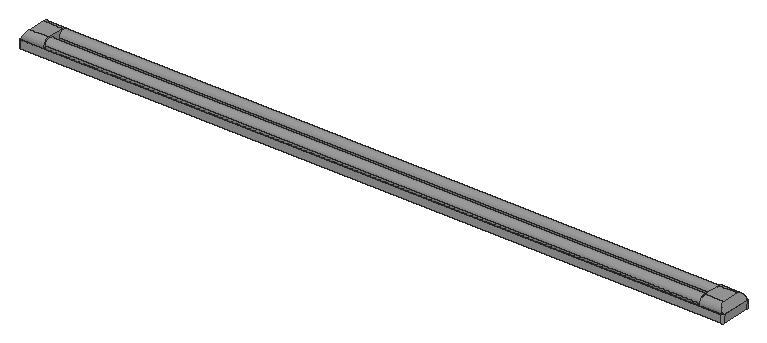
Revit family "0045165 Sylvania Lighting Fixture LED IP20 BATTEN L1800 TWIN 4000K", category Lighting Fixtures, host Face, Revit 2016
Family settings
  Host = Face
  Part Type = Normal
  Round Connector Dimension = Use Diameter
  OmniClass Number = 23.80.70.00
  OmniClass Title = Lighting
  Cut with Voids When Loaded = No
  Light Source = Yes
  Shared = No
  Room Calculation Point = No
Parameters (values of type "0045165 LED IP20 BATTEN L1800 TWIN 4000K")
  Width_SYL = if(Twin_SYL, 82 mm, 37 mm)  # 82 mm
  Weight = "10.4 kg"
  Wattage Comments = ""
  Wattage = 48 W
  WarrantyStartDate [instance] = "n/a"
  WarrantyGuarantorParts = "n/a"
  WarrantyDurationUnit = "n/a"
  WarrantyDurationParts = "n/a"
  WarrantyDescription = "n/a"
  built-in parameter 1150110 = 1 (stored number, unit not read)
  Voltage = 230 V
  VisibilityTwin_SYL = Twin_SYL  # yes
  VisibilitySingle_SYL = not(Twin_SYL)  # no
  URL = "http://www.sylvania-lighting.com"
  TypeName = "LED IP20 BATTEN L1800 TWIN 4000K"
  Type Image = <None>
  Type Comments = "n/a"
  Twin_SYL = yes
  built-in parameter 1114217 = 1 (stored number, unit not read)
  Tilt Angle = -90.00°
  built-in parameter 1150109 = 1 (stored number, unit not read)
  built-in parameter 1150134 = 12
  built-in parameter 1150113 = 1 (stored number, unit not read)
  SerialNumber [instance] = "n/a"
  RadiusTube_SYL = 14 mm
  RadiusTubeSleeve_SYL = 15 mm
  RadiusRadius_SYL = 5 mm
  Photometric Web File = "0045165.ies"
  Material_3_FEILO = none
  PowerFactor = 0
  PowerConsumption = "48 W"
  NominalLength = 1800 mm
  NominalHeight = 48 mm
  NominalDepth = 82 mm
  Name = "LED IP20 BATTEN L1800 TWIN 4000K"
  ModelReference = Name  # "LED IP20 BATTEN L1800 TWIN 4000K"
  ModelNumber = "0045165"
  Model = Name  # "LED IP20 BATTEN L1800 TWIN 4000K"
  Material = "n/a"
  ManufacturerName = "Feilo Sylvania"
  Manufacturer = "Feilo Sylvania"
  LuminousEfficacy = "117 lm/W"
  built-in parameter 1150105 = 446.91 (stored number, unit not read)
  Lumens = 5616 lm
  LuminaireType = ""
  built-in parameter 1150115 = 1 (stored number, unit not read)
  LightOutputRatio = "n/a"
  built-in parameter 1150137 = (empty or 0)
  built-in parameter 1150139 = (empty or 0)
  Length_SYL = 1800 mm
  LampsType = Lamp  # "LED"
  LampNominalLuminous = "5600 lm"
  LampMacAdamStep = "n/a"
  LampColourTemperature = "4000 K"
  LampColourRenderingIndex = "80"
  built-in parameter 1150112 = 1 (stored number, unit not read)
  built-in parameter 1150114 = 1 (stored number, unit not read)
  Lamp = "LED"
  Keynote = "16500"
  InstallationDate [instance] = "n/a"
  InputVoltage = "220-240V~"
  InputNominalFrequency = "50/60 Hz"
  built-in parameter 1150132 = (empty or 0)
  built-in parameter 1150102 = (empty or 0)
  built-in parameter 1150107 = 4000 (stored number, unit not read)
  built-in parameter 1150138 = (empty or 0)
  IngressProtection = "IP20"
  ImpactProtectionIndex = "IK02"
  built-in parameter 1150106 = 4.4691 (stored number, unit not read)
  IfcExportType = "IfcLightFixtureType"
  IfcExportAs = "IfcLightFixtureType"
  Height_SYL = if(Twin_SYL, 48 mm, 46 mm)  # 48 mm
  ExpectedLife = 50000
  Emit from Rectangle Width = if(Twin_SYL, 75 mm, 28 mm)  # 75 mm
  Emit from Rectangle Length = Length_SYL - 124 mm  # 1676 mm
  Emit Shape Visible in Rendering = no
  ElectricShockClassification = "Class I"
  built-in parameter 1150104 = 10.87 (stored number, unit not read)
  DurationUnit = "hours"
  DocumentationLiterature = "http://www.sylvania-lighting.com/product/en-int/products/0045165"
  DimmingControlOptions = "n/a"
  Material_2_FEILO = Tube-Sylvania-IP20LEDBatten
  Dimming Lamp Color Temperature Shift = <None>
  Description = "full range of LED Battens to replace traditional T8 battens (600mm, 1200mm, 1500mm and 1800mm), ease of installation,  4000K, 25000h lifethtime"
  Default Elevation = 1219.2 mm
  CreatedOn = "6/5/2018"
  CreatedBy = "aron.fodor@sylvania-lighting.com"
  Cost = 0
  Color Filter = 16777215
  built-in parameter 1114216 [instance] = (empty or 0)
  ClassificationValue = "EF_70_80"
  ClassificationName = "Uniclass2015"
  Material_1_FEILO = Body-Sylvania-IP20LEDBatten
  BarCode [instance] = "n/a"
  built-in parameter 1114218 = 1 (stored number, unit not read)
  built-in parameter 1150133 = 10 (stored number, unit not read)
  AssetType = "Fixed"
  AssetIdentifier [instance] = "n/a"
  Assembly Code = "D5020200"
  Apparent Load = 48 VA
  Material_4_FEILO = none
Reference planes
  plane 1 "Center (Front/Back)": y = 0
  plane 2: z = 0
  plane 3 "Center (Left/Right)": x = 0
  plane 4: x = 900
  plane 5: x = -900
  plane 6: y = 41
  plane 7: y = -41
  plane 8: z = 41
  plane 9: z = 19
  plane 10: z = -7
  plane 11: z = 23.5
  plane 12: x = -898
  plane 13: x = 898
  plane 14: x = -838
  plane 15: x = 838
  plane 16: y = -22.5
  plane 17: y = 22.5
  plane 18: z = 38.5
  plane 19: z = 8.5
Forms (mm)
  Extrusion 1, solid, material "Body-Sylvania-IP20LEDBatten" <- "Material_1_FEILO"
    sketch origin (0, 0, 0) x (1, 0, 0) y (0, 1, 0)
      loop
        arc (-895, 41) -> (-898.536, 39.536) -> (-900, 36) r 5
        line (-900, 36) -> (-900, -36)
        arc (-900, -36) -> (-898.536, -39.536) -> (-895, -41) r 5
        line (-895, -41) -> (895, -41)
        arc (895, -41) -> (898.536, -39.536) -> (900, -36) r 5
        line (900, -36) -> (900, 36)
        arc (900, 36) -> (898.536, 39.536) -> (895, 41) r 5
        line (895, 41) -> (-895, 41)
    from 0 to 19
  Extrusion 2, solid, material "Body-Sylvania-IP20LEDBatten" <- "Material_1_FEILO", visible <- "VisibilitySingle_SYL"
    sketch origin (838, 1524, 1219.2) x (0, 1, 0) y (0, 0, 1)
      loop
        circle (-1524, -1195.7) r 15
    from 0 to 60
  Extrusion 3, solid, material "Body-Sylvania-IP20LEDBatten" <- "Material_1_FEILO", visible <- "VisibilitySingle_SYL"
    sketch origin (-898, 1524, 1219.2) x (0, 1, 0) y (0, 0, 1)
      loop
        circle (-1524, -1195.7) r 15
    from 0 to 60
  Extrusion 4, solid, material "Tube-Sylvania-IP20LEDBatten" <- "Material_2_FEILO", visible <- "VisibilitySingle_SYL"
    sketch origin (0, 0, 0) x (0, 1, 0) y (0, 0, 1)
      loop
        circle (0, 23.5) r 14
    from -838 to 838
  Extrusion 5, void
    sketch origin (0, 0, 0) x (1, 0, 0) y (0, 0, 1)
      loop
        line (900, 19) -> (900, 41) -> (885.298, 41) -> (898, 19) -> (900, 19)
      loop
        line (-885.298, 41) -> (-900, 41) -> (-900, 19) -> (-898, 19) -> (-885.298, 41)
    from -45 to 45
  Extrusion 6, solid, material "Body-Sylvania-IP20LEDBatten" <- "Material_1_FEILO", visible <- "VisibilityTwin_SYL"
    sketch origin (-838, 1524, 1219.2) x (0, 1, 0) y (0, 0, 1)
      loop
        arc (-1546.5, -1180.7) -> (-1561.5, -1195.7) -> (-1546.5, -1210.7) r 15
        line (-1546.5, -1210.7) -> (-1501.5, -1210.7)
        arc (-1501.5, -1210.7) -> (-1486.5, -1195.7) -> (-1501.5, -1180.7) r 15
        line (-1501.5, -1180.7) -> (-1546.5, -1180.7)
    from -60 to 0
  Extrusion 7, solid, material "Body-Sylvania-IP20LEDBatten" <- "Material_1_FEILO", visible <- "VisibilityTwin_SYL"
    sketch origin (838, 1524, 1219.2) x (0, 1, 0) y (0, 0, 1)
      loop
        line (-1501.5, -1180.7) -> (-1546.5, -1180.7)
        arc (-1546.5, -1180.7) -> (-1561.5, -1195.7) -> (-1546.5, -1210.7) r 15
        line (-1546.5, -1210.7) -> (-1501.5, -1210.7)
        arc (-1501.5, -1210.7) -> (-1486.5, -1195.7) -> (-1501.5, -1180.7) r 15
    from 0 to 60
  Extrusion 8, solid, material "Tube-Sylvania-IP20LEDBatten" <- "Material_2_FEILO", visible <- "VisibilityTwin_SYL"
    sketch origin (0, 0, 0) x (0, 1, 0) y (0, 0, 1)
      loop
        circle (-22.5, 23.5) r 14
      loop
        circle (22.5, 23.5) r 14
    from -838 to 838
Cuts and joins
  Extrusion 5 cuts Extrusion 1
  Extrusion 5 cuts Extrusion 6
  Extrusion 5 cuts Extrusion 7
  Extrusion 5 cuts Extrusion 2
  Extrusion 5 cuts Extrusion 3
Lines and regions (mm)
  reference lines
    curve 1: circle (0, 0, 23.5) r 15 normal (1, 0, 0)
    curve 2: circle (0, 0, 23.5) r 14 normal (1, 0, 0)
    curve 3: line (898, 0, 19) -> (886.453, 0, 39)
    curve 4: line (-898, 0, 19) -> (-885.298, 0, 41)
    curve 5: circle (0, -22.5, 23.5) r 15 normal (1, 0, 0)
    curve 6: circle (0, 22.5, 23.5) r 15 normal (1, 0, 0)
    curve 7: circle (0, 22.5, 23.5) r 14 normal (1, 0, 0)
    curve 8: circle (0, -22.5, 23.5) r 14 normal (1, 0, 0)
Dimensions and locks
  equal spacing: plane 5, plane 3 "Center (Left/Right)", plane 4
  "Length_SYL": plane 5 to plane 4
  equal spacing: plane 7, plane 1 "Center (Front/Back)", plane 6
  "Width_SYL": plane 7 to plane 6
  locked: plane 9 to plane 2 at 19
  locked: plane 2 to plane 10 at 7
  "Height_SYL": plane 10 to plane 8
  locked: plane 9 to plane 11 at 4.5
  equal spacing: plane 12, plane 3 "Center (Left/Right)", plane 13
  locked: plane 5 to plane 12 at 2
  equal spacing: plane 14, plane 3 "Center (Left/Right)", plane 15
  locked: plane 12 to plane 14 at 60
  equal spacing: plane 16, plane 1 "Center (Front/Back)", plane 17
  locked: plane 16 to plane 17 at 45
  equal spacing: plane 19, plane 11, plane 18
  "RadiusTubeSleeve_SYL": plane 11 to plane 18
  "RadiusTubeSleeve_SYL": radius of curve 1
  "RadiusTube_SYL": radius of curve 2
  "RadiusRadius_SYL": radius of Extrusion 1 sketch curve  (x4)
  "RadiusTube_SYL": radius of curve 8
  "RadiusTube_SYL": radius of curve 7
  "RadiusTubeSleeve_SYL": radius of curve 6
  "RadiusTubeSleeve_SYL": radius of curve 5
  locked: plane 9 to curve 3 (angle 120.00°)
  locked: curve 4 to plane 9 (angle 120.00°)
  aligned and locked: plane 2 to host face
  aligned and locked: level to host face
  aligned and locked: plane 1 "Center (Front/Back)" to curve 1
  aligned and locked: plane 11 to curve 1
  aligned and locked: plane 6 to Extrusion 1 sketch curve
  aligned and locked: plane 5 to Extrusion 1 sketch curve
  aligned and locked: Extrusion 1 sketch curve to plane 7
  aligned and locked: Extrusion 1 sketch curve to plane 4
  aligned and locked: Extrusion 1 to level
  aligned and locked: Extrusion 1 to plane 9
  aligned and locked: Extrusion 2 sketch curve to curve 1
  aligned and locked: plane 13 to Extrusion 2
  aligned and locked: Extrusion 2 to plane 15
  aligned and locked: Extrusion 3 sketch curve to curve 1
  aligned and locked: plane 14 to Extrusion 3
  aligned and locked: Extrusion 3 to plane 12
  aligned and locked: Extrusion 4 sketch curve to curve 2
  aligned and locked: Extrusion 4 to plane 14
  aligned and locked: plane 15 to Extrusion 4
  aligned and locked: plane 12 to curve 4
  aligned and locked: plane 9 to curve 4
  aligned and locked: plane 8 to curve 4
  aligned and locked: Extrusion 1 to Extrusion 5 sketch curve
  aligned and locked: curve 3 to Extrusion 5 sketch curve
  aligned and locked: Extrusion 5 sketch curve to plane 8  (x2)
  aligned and locked: Extrusion 5 sketch curve to curve 3
  aligned and locked: plane 9 to Extrusion 5 sketch curve
  aligned and locked: curve 4 to Extrusion 5 sketch curve
  aligned and locked: Extrusion 5 sketch curve to plane 5
  aligned and locked: Extrusion 5 sketch curve to curve 4
  aligned and locked: plane 17 to curve 7
  aligned and locked: plane 11 to curve 7
  aligned and locked: plane 11 to curve 6
  aligned and locked: plane 17 to curve 6
  aligned and locked: plane 16 to curve 8
  aligned and locked: plane 16 to curve 5
  aligned and locked: plane 11 to curve 8
  aligned and locked: plane 11 to curve 5
  aligned and locked: Extrusion 6 sketch curve to curve 5
  aligned and locked: Extrusion 6 sketch curve to curve 6
  aligned and locked: Extrusion 6 to plane 12
  aligned and locked: plane 14 to Extrusion 6
  aligned and locked: Extrusion 7 sketch curve to Extrusion 6  (x2)
  aligned and locked: plane 13 to Extrusion 7
  aligned and locked: Extrusion 7 to plane 15
  aligned and locked: Extrusion 8 sketch curve to curve 8
  aligned and locked: Extrusion 8 sketch curve to curve 7
  aligned and locked: plane 15 to Extrusion 8
  aligned and locked: Extrusion 8 to plane 14
  aligned and locked: imposter light to plane 18
  aligned and locked: plane 3 "Center (Left/Right)" to imposter light
  aligned and locked: imposter light to plane 1 "Center (Front/Back)"
Automatic sketch dimensions
  host sketch curve to host sketch curve = 2438.4 mm  (x2)
  curve 1 to curve 2 = 0 mm  (x2)
  curve 3 to plane 13 = 0 mm
  curve 3 to plane 9 = 0 mm
  Extrusion 5 sketch curve to plane 9 = 0 mm
  curve 6 to curve 7 = 0 mm
  Extrusion 6 sketch curve to Extrusion 6 sketch curve = 0 mm  (x2)
Connectors
  electrical at (0, 0, 0), driven by "Apparent Load", driven by "PowerFactor", driven by "Voltage"
    settings: index 1, voltage 230 V, apparent load 48 VA, apparent load phase1 0 VA, apparent load phase2 0 VA, apparent load phase3 0 VA, power factor 0, load classification "Lighting", number of poles 1, system type 30, power factor state 1, is connector primary yes, connector utility no, sub classification motor no, connector description ""
